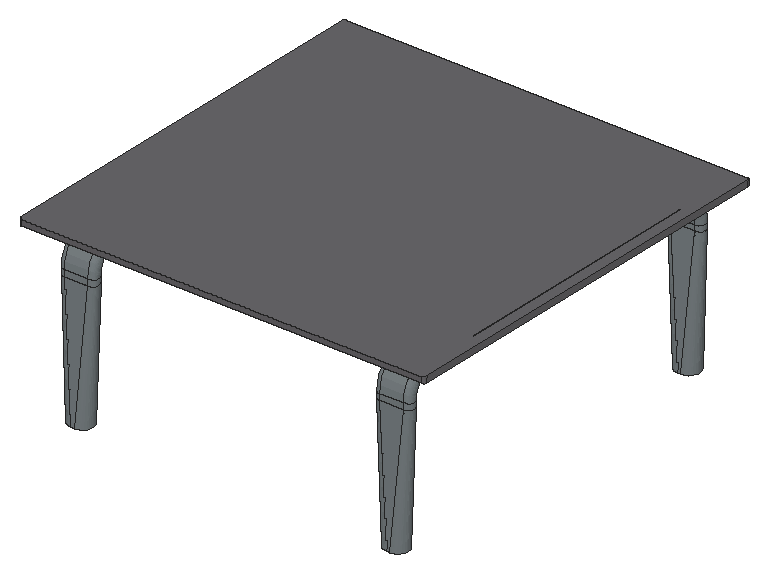
Revit family "FU_Modular_Sandler_Ambit 1075", category Furniture, Revit 2020
Family settings
  OmniClass Number = 23.40.20.00
  OmniClass Title = General Furniture and Specialties
  Work Plane-Based = No
  Always vertical = Yes
  Cut with Voids When Loaded = No
  Shared = No
  Room Calculation Point = No
Parameters (values of type "Ambit 1075")
  Width = 690 mm
  URL = "https://www.sandlerseating.com/product/ambit-1075/"
  Top [instance] = HPL - Solid - Anthracite
  Model = "Ambit 1075"
  Manufacturer = "Sandler"
  Height = 300 mm
  Frame [instance] = Metal - Paint -AL VR - Anthracite Grey
  Description = "Table for modular seating system. Upholstered top with feet in cast aluminium."
  Depth = 690 mm
  Default Elevation = 0 mm
Reference planes
  plane 1 "Center (Front/Back)": y = 0
  plane 2: z = 0
  plane 3 "Center (Left/Right)": x = 0
  plane 4 "Right": x = -345
  plane 5 "Left": x = 345
  plane 6 "Back": y = 345
  plane 7 "Front": y = -345
  plane 8 "Height": z = 300
  plane 9 "Table base": z = 290
  plane 10 "FL C TOP": y = -309.015
  plane 11 "Right Legs FRONT": x = -268
  plane 12 "Left Legs FRONT": x = 268
  plane 13 "BL C TOP": y = 309.015
Forms (mm)
  Sweep 1, solid, material "Metal - Paint -AL VR - Anthracite Grey" <- "Frame"
    path origin (268, 0, 0) x (0, 0, -1) y (0, -1, 0)
      loop
        line (-220.099, 309.132) -> (-230.099, 309.132)
        arc (-230.099, 309.132) -> (-265.454, 294.487) -> (-280.099, 259.132) r 50
        line (-280.099, 259.132) -> (-280.099, -259.132)
        arc (-280.099, -259.132) -> (-265.454, -294.487) -> (-230.099, -309.132) r 50
        line (-230.099, -309.132) -> (-220.099, -309.132)
    profile "Pro_Ambit_FF : Pro_Ambit_FF" origin (268, -309.132, 225.099) x (0, 1, 0) y (-1, 0, 0)
      loop
        arc (-10, -20.066) -> (0, -30.066) -> (10, -20.066) r 10
        line (10, -20.066) -> (10, 20.066)
        arc (10, 20.066) -> (0, 30.066) -> (-10, 20.066) r 10
        line (-10, 20.066) -> (-10, -20.066)
  SweptBlend 2, solid, material "Metal - Paint -AL VR - Anthracite Grey" <- "Frame"
    path origin (268, 0, 0) x (0, 0, -1) y (0, -1, 0)
      loop
        line (0, 309.015) -> (-220.099, 309.015)
    profile "Pro_Ambit_FFoot : Pro_Ambit_FFoot" origin (268, -309.015, 0) x (0, 1, 0) y (-1, 0, 0)
      loop
        arc (17.452, 3.305) -> (0, 20.142) -> (-17.452, 3.305) r 17.463
        line (-17.452, 3.305) -> (-17.452, -3.305)
        arc (-17.452, -3.305) -> (0, -20.142) -> (17.452, -3.305) r 17.463
        line (17.452, -3.305) -> (17.452, 3.305)
    end profile "Pro_Ambit_FF : Pro_Ambit_FF" origin (268, -309.015, 220.099) x (0, 1, 0) y (-1, 0, 0)
      loop
        arc (-10, -20.066) -> (0, -30.066) -> (10, -20.066) r 10
        line (10, -20.066) -> (10, 20.066)
        arc (10, 20.066) -> (0, 30.066) -> (-10, 20.066) r 10
        line (-10, 20.066) -> (-10, -20.066)
  SweptBlend 3, solid, material "Metal - Paint -AL VR - Anthracite Grey" <- "Frame"
    path origin (268, 0, 0) x (0, 0, -1) y (0, 1, 0)
      loop
        line (0, 309.015) -> (-220.099, 309.015)
    profile "Pro_Ambit_FFoot : Pro_Ambit_FFoot" origin (268, 309.015, 0) x (0, 1, 0) y (-1, 0, 0)
      loop
        line (-17.452, 3.305) -> (-17.452, -3.305)
        arc (-17.452, -3.305) -> (0, -20.142) -> (17.452, -3.305) r 17.463
        line (17.452, -3.305) -> (17.452, 3.305)
        arc (17.452, 3.305) -> (0, 20.142) -> (-17.452, 3.305) r 17.463
    end profile "Pro_Ambit_FF : Pro_Ambit_FF" origin (268, 309.015, 220.099) x (0, 1, 0) y (-1, 0, 0)
      loop
        line (-10, 20.066) -> (-10, -20.066)
        arc (-10, -20.066) -> (0, -30.066) -> (10, -20.066) r 10
        line (10, -20.066) -> (10, 20.066)
        arc (10, 20.066) -> (0, 30.066) -> (-10, 20.066) r 10
  Sweep 4, solid, material "Metal - Paint -AL VR - Anthracite Grey" <- "Frame"
    path origin (-268, 0, 0) x (0, 0, -1) y (0, -1, 0)
      loop
        line (-220.099, 309.132) -> (-230.099, 309.132)
        arc (-230.099, 309.132) -> (-265.454, 294.487) -> (-280.099, 259.132) r 50
        line (-280.099, 259.132) -> (-280.099, -259.132)
        arc (-280.099, -259.132) -> (-265.454, -294.487) -> (-230.099, -309.132) r 50
        line (-230.099, -309.132) -> (-220.099, -309.132)
    profile "Pro_Ambit_FF : Pro_Ambit_FF" origin (-268, -309.132, 225.099) x (0, -1, 0) y (1, 0, 0)
      loop
        line (-10, 20.066) -> (-10, -20.066)
        arc (-10, -20.066) -> (0, -30.066) -> (10, -20.066) r 10
        line (10, -20.066) -> (10, 20.066)
        arc (10, 20.066) -> (0, 30.066) -> (-10, 20.066) r 10
  SweptBlend 5, solid, material "Metal - Paint -AL VR - Anthracite Grey" <- "Frame"
    path origin (-268, 0, 0) x (0, 0, -1) y (0, -1, 0)
      loop
        line (0, 309.015) -> (-220.099, 309.015)
    profile "Pro_Ambit_FFoot : Pro_Ambit_FFoot" origin (-268, -309.015, 0) x (0, -1, 0) y (1, 0, 0)
      loop
        line (-17.452, 3.305) -> (-17.452, -3.305)
        arc (-17.452, -3.305) -> (0, -20.142) -> (17.452, -3.305) r 17.463
        line (17.452, -3.305) -> (17.452, 3.305)
        arc (17.452, 3.305) -> (0, 20.142) -> (-17.452, 3.305) r 17.463
    end profile "Pro_Ambit_FF : Pro_Ambit_FF" origin (-268, -309.015, 220.099) x (0, -1, 0) y (1, 0, 0)
      loop
        line (-10, 20.066) -> (-10, -20.066)
        arc (-10, -20.066) -> (0, -30.066) -> (10, -20.066) r 10
        line (10, -20.066) -> (10, 20.066)
        arc (10, 20.066) -> (0, 30.066) -> (-10, 20.066) r 10
  SweptBlend 6, solid, material "Metal - Paint -AL VR - Anthracite Grey" <- "Frame"
    path origin (-268, 0, 0) x (0, 0, -1) y (0, -1, 0)
      loop
        line (0, -309.015) -> (-220.099, -309.015)
    profile "Pro_Ambit_FFoot : Pro_Ambit_FFoot" origin (-268, 309.015, 0) x (0, -1, 0) y (1, 0, 0)
      loop
        arc (17.452, 3.305) -> (0, 20.142) -> (-17.452, 3.305) r 17.463
        line (-17.452, 3.305) -> (-17.452, -3.305)
        arc (-17.452, -3.305) -> (0, -20.142) -> (17.452, -3.305) r 17.463
        line (17.452, -3.305) -> (17.452, 3.305)
    end profile "Pro_Ambit_FF : Pro_Ambit_FF" origin (-268, 309.015, 220.099) x (0, -1, 0) y (1, 0, 0)
      loop
        arc (-10, -20.066) -> (0, -30.066) -> (10, -20.066) r 10
        line (10, -20.066) -> (10, 20.066)
        arc (10, 20.066) -> (0, 30.066) -> (-10, 20.066) r 10
        line (-10, 20.066) -> (-10, -20.066)
  Extrusion 7, solid, material "HPL - Solid - Anthracite" <- "Top"
    sketch origin (0, 0, 290) x (-1, 0, 0) y (0, -1, 0)
      loop
        arc (340, -345) -> (343.536, -343.536) -> (345, -340) r 5
        line (345, -340) -> (345, 340)
        arc (345, 340) -> (343.536, 343.536) -> (340, 345) r 5
        line (340, 345) -> (-340, 345)
        arc (-340, 345) -> (-343.536, 343.536) -> (-345, 340) r 5
        line (-345, 340) -> (-345, -340)
        arc (-345, -340) -> (-343.536, -343.536) -> (-340, -345) r 5
        line (-340, -345) -> (340, -345)
    from 0 to 10
Dimensions and locks
  equal spacing: plane 4 "Right", plane 3 "Center (Left/Right)", plane 5 "Left"
  "Width": plane 4 "Right" to plane 5 "Left"
  equal spacing: plane 6 "Back", plane 1 "Center (Front/Back)", plane 7 "Front"
  "Depth": plane 6 "Back" to plane 7 "Front"
  "Height": plane 8 "Height" to level
  plane 9 "Table base" to level = 290 mm
  locked: plane 10 "FL C TOP" to plane 7 "Front" at 35.985
  locked: plane 4 "Right" to plane 11 "Right Legs FRONT" at 77
  locked: plane 12 "Left Legs FRONT" to plane 5 "Left" at 77
  locked: plane 6 "Back" to plane 13 "BL C TOP" at 35.985
  aligned and locked: level to plane 2
  aligned and locked: Extrusion 7 sketch curve to plane 6 "Back"
  aligned and locked: Extrusion 7 sketch curve to plane 4 "Right"
  aligned and locked: plane 7 "Front" to Extrusion 7 sketch curve
  aligned and locked: plane 5 "Left" to Extrusion 7 sketch curve
  aligned and locked: plane 8 "Height" to Extrusion 7
Automatic sketch dimensions
  Sweep 1 sketch curve to plane 9 "Table base" = 9.901 mm
  Sweep 1 sketch curve to plane 13 "BL C TOP" = 0.117 mm
  Sweep 1 sketch curve to plane 9 "Table base" = 59.901 mm  (x2)
  Sweep 1 sketch curve to plane 10 "FL C TOP" = 0.117 mm
  Sweep 1 sketch curve to Sweep 1 sketch curve = 10 mm  (x2)
  SweptBlend 2 sketch curve to plane 10 "FL C TOP" = 0 mm
  SweptBlend 2 sketch curve to level = 0 mm
  SweptBlend 2 sketch curve to plane 9 "Table base" = 69.901 mm
  SweptBlend 3 sketch curve to plane 13 "BL C TOP" = 0 mm
  SweptBlend 3 sketch curve to level = 0 mm
  plane 9 "Table base" to SweptBlend 3 sketch curve = 69.901 mm
  plane 9 "Table base" to Sweep 4 sketch curve = 9.901 mm
  plane 13 "BL C TOP" to Sweep 4 sketch curve = 0.117 mm
  plane 9 "Table base" to Sweep 4 sketch curve = 59.901 mm  (x2)
  plane 10 "FL C TOP" to Sweep 4 sketch curve = 0.117 mm
  Sweep 4 sketch curve to Sweep 4 sketch curve = 10 mm  (x2)
  SweptBlend 5 sketch curve to plane 10 "FL C TOP" = 0 mm
  SweptBlend 5 sketch curve to level = 0 mm
  plane 9 "Table base" to SweptBlend 5 sketch curve = 69.901 mm
  SweptBlend 6 sketch curve to plane 13 "BL C TOP" = 0 mm
  SweptBlend 6 sketch curve to level = 0 mm
  plane 9 "Table base" to SweptBlend 6 sketch curve = 69.901 mm
  Extrusion 7 sketch curve to plane 5 "Left" = 0 mm
  Extrusion 7 sketch curve to plane 6 "Back" = 0 mm
  Extrusion 7 sketch curve to Extrusion 7 sketch curve = 5 mm
  plane 5 "Left" to Extrusion 7 sketch curve = 5 mm
  Extrusion 7 sketch curve to plane 4 "Right" = 5 mm  (x2)
